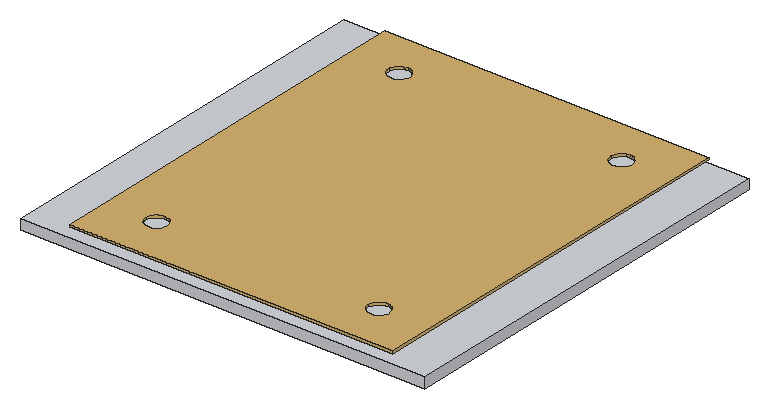
Revit family "19420", category Aparatos sanitarios, Revit 2018
Family settings
  Anfitrión = Cara
  Cota de conector redondo = Diámetro de uso
  Tipo de pieza = Normal
  Número OmniClass = 23.45.55.14
  Título OmniClass = Single Faucets
  Corte con vacíos al cargar = No
  Compartido = No
  Punto de cálculo de habitación = No
Parameters (values of type "19420")
  URL = "http://www.griferiasgalindo.com"
  Teléfono = "(+34) 915 782 575"
  TIPO DE AGUA = "Fria"
  REFERENCIA = "19420"
  Presión Máxima = "8 bar"
  PESO BRUTO = ""
  Modelo = "PRESTO 1000 E XL Con llave de paso"
  Material = Latón
  Imagen de tipo = <Ninguno>
  Fabricante = "PRESTO IBÉRICA"
  Default Elevation = 1219.2 mm
  ENTRADA = "Macho 1\""
  Descripción = "Fluxor de fijación encastrado en el muro para inodoros, tazas turcas y vertederos."
  Código de montaje = "C1030220"
  Contacto = "info@prestoiberica.com"
  Conexión AF = yes
  Conexión AC = yes
  Comentarios de tipo = "Cuerpo del fluxor en latón niquelado con pieza interiores en materiales resistentes a la corrosión e incrustaciones calcáreas. Dispositivo antisifónico que se asegura la protección de la red de agua potable contra las eventuales absorciones de agua contaminada. Caja de empotrar de acero galvanizado. Placa en acero inoxidable. Suministro con tuerca, racor de salida y junta americana para tubo de Ø 28 mm.  Entrada macho 1\". Caudal de 1,2 l/s. Cierra automático a los 7 ±2 s. Presión dinámica que necesita a la entrada el fluxor 0,90 bar. Pistón intercambiable que comprende todo el mecanismo del fluxor. Apertura con pulsador. Salida para tubo de Ø28. Con llave de paso."
  CIERRE = "Automático en 7 seg."
  CAUDAL = "1.2 l/min"
  Accionamiento = "Mediante pulsador"
Reference planes
  plane 1 "Centro (Frontal/Posterior)": y = 0
  plane 2: z = 0
  plane 3 "Centro (Izquierda/Derecha)": x = 0
  plane 4 "lateral": through (25.963, -4.209, 1219.2) normal (0.9194, -0.3933, 0)
  plane 5 "SALIDA": y = -70.5
Forms (mm)
  Extrusion 1, solid
    sketch origin (0, 0, 0) x (1, 0, 0) y (0, 1, 0)
      loop
        line (-100, 100) -> (-100, -100) -> (100, -100) -> (100, 100) -> (-100, 100)
    from 0 to -5
  Extrusion 2, solid, material "Latón"
    sketch origin (0, -94.5, 2) x (0, -1, 0) y (1, 0, 0)
      loop
        line (0, 80) -> (-195, 80) -> (-195, -80) -> (0, -80) -> (0, 80)
      loop
        circle (-22.5, -55) r 5.319
      loop
        circle (-22.5, 55) r 5.319
      loop
        circle (-172.437, -55) r 5.319
      loop
        circle (-172.437, 55) r 5.319
    from 0 to -1
Dimensions and locks
  Extrusion 1 sketch curve to plane 1 "Centro (Frontal/Posterior)" = 100 mm
  aligned and locked: plane 2 to Extrusion 1
  aligned and locked: level to Extrusion 1
Connectors
  piping at (0, -70.5, -45), diameter 25.4
    settings: index 1, connector inside diameter 609.6 mm, connector length 0 mm, flow factor 0, pipe flow 0.0 L/s, pressure drop 0.0 Pa, fitting loss kfactor 0, connector angle 0.00°, fixture units 0, engagement length 0 mm, angle of deflection 0.00°, flow configuration 0, flow direction 2, fitting loss method 0, system type 20, joint type 0, gender type 0, connector reference index -1, connector utility 0, adjustable connector no, is connector primary yes, connector description "Salida"
